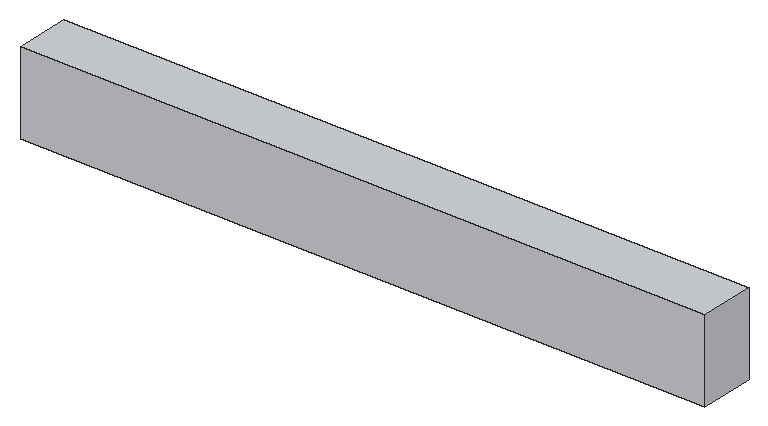
Revit family "StructuralFraming_Freeform", category Structural Framing, Revit 2018
Family settings
  Structural Framing Length Roundoff = 1 mm
  Section Shape = User Defined
  Material for Model Behavior = Other
  Always export as geometry = No
  Always vertical = Yes
  Cut with Voids When Loaded = No
  Symbolic Representation = From Family
  Shared = No
  Show family pre-cut in plan views = Yes
Parameters
  Length [instance] = 3000 mm
Reference planes
  plane 1 "Center (Front/Back)": y = 0
  plane 2 "Center Elevation": z = 0
  plane 3 "Center (Left/Right)": x = 0
  plane 4 "Left": x = -1500
  plane 5 "Member Left": x = -1250
  plane 6 "Stick Symbol Left": x = -1000
  plane 7 "Right": x = 1500
  plane 8 "Member Right": x = 1250
  plane 9 "Stick Symbol Right": x = 1000
  plane 10: y = 100
  plane 11: y = -100
  plane 12: z = 150
  plane 13: z = -150
Forms (mm)
  Extrusion 1, solid, detail levels medium+fine
    sketch origin (0, 0, 0) x (0, 1, 0) y (0, 0, 1)
      loop
        line (100, 150) -> (-100, 150) -> (-100, -150) -> (100, -150) -> (100, 150)
    from -1250 to 1250
Lines and regions (mm)
  model lines, style "Stick Symbols", detail levels coarse
    curve 1: line (-1000, 0, 0) -> (1000, 0, 0)
Dimensions and locks
  equal spacing: plane 4 "Left", plane 3 "Center (Left/Right)", plane 7 "Right"
  "Length": plane 4 "Left" to plane 7 "Right"
  aligned and locked: plane 10 to Extrusion 1 sketch curve
  aligned and locked: plane 13 to Extrusion 1 sketch curve
  aligned and locked: Extrusion 1 sketch curve to plane 11
  aligned and locked: plane 5 "Member Left" to Extrusion 1
  aligned and locked: Extrusion 1 to plane 8 "Member Right"
  aligned and locked: plane 1 "Center (Front/Back)" to curve 1
  aligned and locked: plane 6 "Stick Symbol Left" to curve 1
  aligned and locked: plane 9 "Stick Symbol Right" to curve 1
  aligned and locked: level to plane 2 "Center Elevation"
Automatic sketch dimensions
  Extrusion 1 sketch curve to plane 12 = 0 mm
